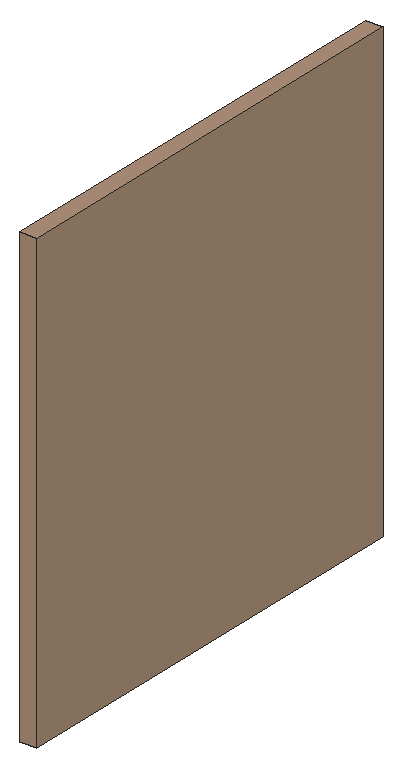
Revit family "Desk_Accessories-Teknion-BAMPL_Peninsula_Modesty_Panel_Solid-R2018", category Furniture, Revit 2018
Family settings
  OmniClass Number = 23.40.20.00
  OmniClass Title = General Furniture and Specialties
  Work Plane-Based = No
  Always vertical = Yes
  Cut with Voids When Loaded = No
  Shared = Yes
  Room Calculation Point = No
Parameters (values of type "Mono-Leg or Base Peninsula Style, Full Modesty Panel Height")
  Width [instance] = 48.000"
  Warranty = "http://www.teknion.com/ca/papers/legal-canada"
  Unit Weight URL = "http://www.teknion.com/ca/tools/assets#&asset=bee6a381-b954-425e-8283-5a2de3a804f2,f828d448-4b62-4231-9e5f-9a8991c0ed77"
  URL = "www.teknion.com"
  To render please download texture images found here [instance] = "https://assets.teknion.com/web/5e81352c1dfdb467/revit-material-swatches/"
  Sustainability Data = "https://www.teknion.com/ca/tools/assets#&topic=216f99a5-57a0-44fc-b10a-9dee9b29ae4c&asset=444deb64-fe58-4b68-981e-f75e97781df7,b4ff2d81-9f2e-437d-9659-7cffb09c31cf"
  Series = "Expansion Casegoods"  # constant formula
  Product Page URL = "https://www.teknion.com/ca/products/product-details?productLineId=0053336e-8e7a-673b-a6c8-ff00004460c4"
  Product Line = "Expansion Casegoods"  # constant formula
  Product Documentation Link = "https://www.teknion.com/pricing/expansion-casegoods/pdfs/Bampl_ppg.pdf"
  Part Number = "BAMPL"  # constant formula
  Modesty Panel Height = 26.933"
  Modesty Panel Finish [instance] = Source Laminate - Teknion - 3M - Provincial Oak (Cross Grain)
  Model = "BAMPLMF__"
  Manufacturer Phone = "416-661-3370"  # constant formula
  Manufacturer Fax = "416.661.4586"  # constant formula
  Manufacturer Contact Information = "http://www.teknion.com/ca/contactus"
  Manufacturer Address = "1150 Flint Road, Toronto, ON. M3J 2J5. Canada"  # constant formula
  Manufacturer = "Teknion"  # constant formula
  How To Use Teknion Materials User Guide [instance] = "https://assets.teknion.com/m/205dd0a49fa58060/original/How-to-add-a-Material-Library-and-Texture-Images-to-your-Revit-project.pdf"
  For Additional Finishes please visit [instance] = "https://assets.teknion.com/m/44a8009b046e5d47/original/Teknion_Materials_Library.zip"
  Dual Leg = no
  Description = "Peninsula Modesty Panel – Solid, Mono-Leg or Base Peninsula Style, Full Modesty Panel Height"
  Available Widths [instance] = "48, 54, 60, 66, 72, 78, or 84 inches."  # constant formula
  Assembly Code = "E2020200"
  Actual Width [instance] = if(and(Dual Leg, Width = 48.000"), 33.268", if(and(Dual Leg, Width = 54.000"), 39.240", if(and(Dual Leg, Width = 60.000"), 45.209", if(and(Dual Leg, Width = 66.000"), 51.177", if(and(Dual Leg, Width = 72.000"), 57.150", if(and(Dual Leg, Width = 78.000"), 63.118", if(and(Dual Leg, Width = 84.000"), 69.091", if(and(not(Dual Leg), Width = 48.000"), 25.484", if(and(not(Dual Leg), Width = 54.000"), 31.453", if(and(not(Dual Leg), Width = 60.000"), 37.425", if(and(not(Dual Leg), Width = 66.000"), 43.394", if(and(not(Dual Leg), Width = 72.000"), 49.362", if(and(not(Dual Leg), Width = 78.000"), 55.335", 61.303")))))))))))))  # 25.484"
Types (4): name | Modesty Panel Height | Model | Dual Leg | Description | Actual Width
  (no name) | 26.933" | "BAMPLMF__" | no | "Peninsula Modesty Panel – Solid, Mono-Leg or Base Peninsula Style, Full Modesty Panel Height" | 25.484"
  Dual-Leg Peninsula Style, Half Modesty Panel Height | 11.000" | "BAMPLDH__" | yes | "Peninsula Modesty Panel – Solid, Dual-Leg Peninsula Style, Half Modesty Panel Height" | 33.268"
  Mono-Leg or Base Peninsula Style, Full Modesty Panel Height | 26.933" | "BAMPLMF__" | no | "Peninsula Modesty Panel – Solid, Mono-Leg or Base Peninsula Style, Full Modesty Panel Height" | 25.484"
  Mono-Leg or Base Peninsula Style, Half Modesty Panel Height | 11.000" | "BAMPLMH__" | no | "Peninsula Modesty Panel – Solid, Mono-Leg or Base Peninsula Style, Half Modesty Panel Height" | 25.484"
Reference planes (in)
  plane 1 "Center Front/Back": y = -3.91715
  plane 2: z = 0
  plane 3 "Center Left/Right": x = 0
  plane 4 "Left": x = -0.50787
  plane 5 "Right": x = 0.50787
  plane 6 "Back": y = 8.82485
  plane 7 "Front": y = -16.65915
  plane 8 "Top": z = 27.53543
  plane 9: z = 0.60243
Forms (in)
  Sweep 1, solid, material "Source Laminate - Teknion - 3M - Provincial Oak (Cross Grain)" <- "Modesty Panel Finish"
    path origin (0, -3.91715, 0) x (1, 0, 0) y (0, 0, 1)
      loop
        line (0, 0.60243) -> (0, 27.53543)
    profile origin (0, -3.91715, 14.06893) x (-1, 0, 0) y (0, -1, 0)
      loop
        line (0.50787, 12.742) -> (-0.50787, 12.742) -> (-0.50787, -12.742) -> (0.50787, -12.742) -> (0.50787, 12.742)
Lines and regions (in)
  symbolic lines, style "FurnitureHiddenLines", detail levels medium+fine
    curve 1: line (-0.50787, 8.82485, 0) -> (-0.50787, -16.65915, 0)
    curve 2: line (0.50787, 8.82485, 0) -> (0.50787, -16.65915, 0)
    curve 3: line (-0.50787, 8.82485, 0) -> (0.50787, 8.82485, 0)
    curve 4: line (-0.50787, -16.65915, 0) -> (0.50787, -16.65915, 0)
Dimensions and locks (in)
  plane 4 "Left" to plane 3 "Center Left/Right" to plane 5 "Right" = 0.50787" locked, 0.50787" locked
  "Actual Width": plane 6 "Back" to plane 7 "Front"
  locked: plane 8 "Top" to level at 27.53543
  equal spacing: plane 6 "Back", plane 1 "Center Front/Back", plane 7 "Front"
  "Modesty Panel Height": plane 8 "Top" to plane 9
  aligned and locked: level to plane 2
  aligned and locked: nested 1 to plane 7 "Front"
  aligned and locked: nested 1 to plane 3 "Center Left/Right"
  aligned and locked: plane 8 "Top" to Sweep 1 sketch curve
  aligned and locked: plane 9 to Sweep 1 sketch curve
  aligned and locked: plane 3 "Center Left/Right" to Sweep 1 sketch curve
  aligned and locked: Sweep 1 sketch curve to plane 7 "Front"
  aligned and locked: plane 5 "Right" to Sweep 1 sketch curve
  aligned and locked: Sweep 1 sketch curve to plane 4 "Left"
  aligned and locked: Sweep 1 sketch curve to plane 6 "Back"
  aligned and locked: curve 1 to plane 4 "Left"
  aligned and locked: plane 5 "Right" to curve 2
  aligned and locked: curve 3 to plane 6 "Back"
  aligned and locked: curve 4 to plane 7 "Front"
Nested families (in)
  nested 1: "Teknion_2D_Node_Family-R2016" at (0, -16.65915, 0), type "Teknion_2D_Node_Family-R2016"
Definition of nested family "Teknion_2D_Node_Family-R2016"
  Reference planes (in)
    plane 1 "Center (Front/Back)": y = 0
    plane 2: z = 0
    plane 3 "Center (Left/Right)": x = 0
  Lines and regions (in)
    detail lines, in view "Ref. Level"
      curve 1: circle (0, 0, 0) r 1.25 normal (0, 0, 1)
      curve 2: line (1.91508, -1.91508, 0) -> (-1.91508, 1.91508, 0)
      curve 3: line (-1.91508, -1.91508, 0) -> (1.91508, 1.91508, 0)
